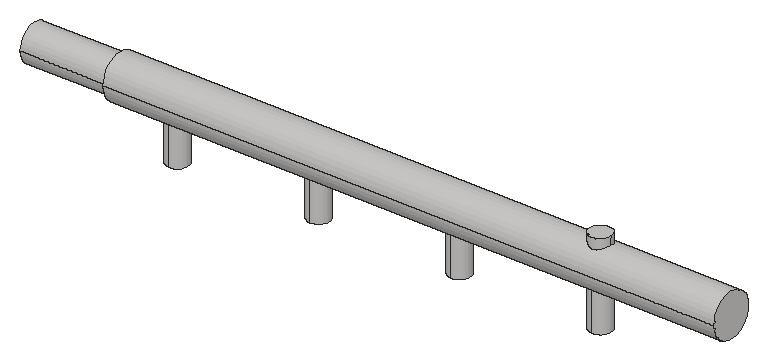
Revit family "BIMLIB_Коллектор_462_4_РОСТерм", category Оборудование, Revit 2017
Family settings
  Размер круглого соединителя = Использовать диаметр
  Тип детали = Нормальный
  На основе рабочей плоскости = Нет
  Всегда вертикально = Да
  При загрузке вырезать с полостями = Нет
  Общий = Нет
  Точка расчета площади = Нет
Parameters (values of type "Коллектор HEIZEN 462 Ду25 на 4 выхода")
  РТ_Шаг = 100 mm
  РТ_l = 100 mm  # constant formula
  РТ_R1 = РТ_R + 5 mm  # 20 mm
  РТ_R = 15 mm
  РТ_R_низ = РТ_DN_низ / 2  # 7.5 mm
  РТ_DN3 = 15 mm  # constant formula
  Описание = "Коллекторы Heizen изготовлены из высококачественной латуни и нержавеющей стали, что исключает риск протечек. Коллекторы могут быть оснащены различными видами арматуры: ручными балансировочными клапанами,ручными запорными клапанами, термостатическими клапанами, расходомерами, воздухоотводчиками и дренажными кранами."
  РТ_DN_низ = 15 mm  # constant formula
  РТ_DN_бок = 25 mm
  Изготовитель = "РОСТерм"  # constant formula
  URL = "http://rostherm.ru/"
  BL_Разработано = "support@bimlib.ru"  # constant formula
  BL_Email = "rostherm@bimlib.ru"  # constant formula
  BL_BIM library = "https://bimlib.pro/manufacturer/rosterm/1632/"
  ADSK_Расход жидкости [instance] = 0.0 L/s
  ADSK_Примечание = ""
  ADSK_Позиция = ""
  ADSK_Обозначение = "ГОСТ 12.2.063-2015"  # constant formula
  ADSK_Наименование краткое = "HEIZEN 462 Ду25"
  ADSK_Наименование = "Коллектор HEIZEN 462 для систем отопения, горячего и холодного водоснабжения сварной Ду25 на 4 выхода"
  ADSK_Материал = BIMLIB_Нержавеющая_сталь_РОСТерм
  ADSK_Масса_Текст = ""
  ADSK_Масса = 0
  ADSK_Марка = "HEIZEN 462"  # constant formula
  ADSK_Код изделия = "462-25-10-04"
  ADSK_Завод-изготовитель = "Heizen"  # constant formula
  ADSK_Единица измерения = "шт."  # constant formula
  ADSK_Версия Revit = "2017"  # constant formula
  ADSK_URL страницы изделия = "http://rostherm.ru/kollektory/"
  ADSK_URL документации изделия = "http://rostherm.ru/"
Types (4, lengths in mm): name | РТ_R1 | РТ_R | РТ_DN_бок | ADSK_Наименование краткое | ADSK_Наименование | ADSK_Код изделия
  Коллектор HEIZEN 462 Ду50 на 4 выхода | 32 | 27 | 50 | "HEIZEN 462 Ду50" | "Коллектор HEIZEN 462 для систем отопения, горячего и холодного водоснабжения сварной Ду50 на 4 выхода" | "462-50-10-04"
  Коллектор HEIZEN 462 Ду40 на 4 выхода | 27 | 22 | 40 | "HEIZEN 462 Ду40" | "Коллектор HEIZEN 462 для систем отопения, горячего и холодного водоснабжения сварной Ду40 на 4 выхода" | "462-40-10-04"
  Коллектор HEIZEN 462 Ду32 на 4 выхода | 23 | 18 | 32 | "HEIZEN 462 Ду32" | "Коллектор HEIZEN 462 для систем отопения, горячего и холодного водоснабжения сварной Ду32 на 4 выхода" | "462-32-10-04"
  Коллектор HEIZEN 462 Ду25 на 4 выхода | 20 | 15 | 25 | "HEIZEN 462 Ду25" | "Коллектор HEIZEN 462 для систем отопения, горячего и холодного водоснабжения сварной Ду25 на 4 выхода" | "462-25-10-04"
Reference planes
  plane 1 "По центру (Вперед/Назад)": y = 0
  plane 2: z = 0
  plane 3 "По центру (Влево/Вправо)": x = 0
  plane 4: x = 100
  plane 5: x = 1185
  plane 6: x = 60
  plane 7: z = 20
Forms (mm)
  Extrusion 1, solid, material "BIMLIB_Нержавеющая_сталь_РОСТерм" <- "ADSK_Материал", detail levels medium+fine
    sketch origin (65, 0, 0) x (0, 1, 0) y (0, 0, 1)
      loop
        circle (0, 0) r 15
    from -5 to 422.273
  Sweep 2, solid, material "BIMLIB_Нержавеющая_сталь_РОСТерм" <- "ADSK_Материал", detail levels medium+fine
    path origin (65, 0, 7.5) x (1, 0, 0) y (0, 0, 1)
      loop
        line (35, -7.5) -> (35, -47.5)
    profile origin (100, 0, -20) x (0, -1, 0) y (1, 0, 0)
      loop
        circle (0, 0) r 7.5
  Sweep 3, solid, material "BIMLIB_Нержавеющая_сталь_РОСТерм" <- "ADSK_Материал", detail levels medium+fine
    path origin (163.636, 0, 7.5) x (1, 0, 0) y (0, 0, 1)
      loop
        line (35, -7.5) -> (35, -47.5)
    profile origin (198.636, 0, -20) x (0, -1, 0) y (1, 0, 0)
      loop
        circle (0, 0) r 7.5
  Sweep 4, solid, material "BIMLIB_Нержавеющая_сталь_РОСТерм" <- "ADSK_Материал", detail levels medium+fine
    path origin (262.273, 0, 7.5) x (1, 0, 0) y (0, 0, 1)
      loop
        line (35, -7.5) -> (35, -47.5)
    profile origin (297.273, 0, -20) x (0, -1, 0) y (1, 0, 0)
      loop
        circle (0, 0) r 7.5
  Sweep 5, solid, material "BIMLIB_Нержавеющая_сталь_РОСТерм" <- "ADSK_Материал", detail levels medium+fine
    path origin (360.909, 0, 7.5) x (1, 0, 0) y (0, 0, 1)
      loop
        line (35, -7.5) -> (35, -47.5)
    profile origin (395.909, 0, -20) x (0, -1, 0) y (1, 0, 0)
      loop
        circle (0, 0) r 7.5
  Extrusion 6, solid, material "BIMLIB_Нержавеющая_сталь_РОСТерм" <- "ADSK_Материал", detail levels medium+fine
    sketch origin (50, 0, 0) x (0, 1, 0) y (0, 0, 1)
      loop
        circle (0, 0) r 12.5
    from -50 to 10
  Extrusion 7, solid, material "BIMLIB_Нержавеющая_сталь_РОСТерм" <- "ADSK_Материал", detail levels medium+fine
    sketch origin (-789.091, 0, 0) x (1, 0, 0) y (0, 1, 0)
      loop
        circle (1185, 0) r 7.5
    from 0 to 20
Lines and regions (mm)
  model lines, detail levels coarse
    curve 1: line (0, 0, 0) -> (487.273, 0, 0)
    curve 2: line (100, 0, 0) -> (100, 0, -40)
    curve 3: line (198.636, 0, 0) -> (198.636, 0, -40)
    curve 4: line (297.273, 0, 0) -> (297.273, 0, -40)
    curve 5: line (395.909, 0, 0) -> (395.909, 0, -40)
Dimensions and locks
  "РТ_l": plane 4 to plane 3 "По центру (Влево/Вправо)"
  Sweep 2 sketch curve to Sweep 2 sketch curve = 40 mm
  Sweep 3 sketch curve to Sweep 3 sketch curve = 40 mm
  Sweep 4 sketch curve to Sweep 4 sketch curve = 40 mm
  Sweep 5 sketch curve to Sweep 5 sketch curve = 40 mm
  locked: plane 4 to plane 6 at 40
  "РТ_R1": plane 7 to level
  "РТ_R": radius of Extrusion 1 sketch curve
  "РТ_R_низ": radius of Sweep 2 sketch curve
  "РТ_R_низ": radius of Sweep 3 sketch curve
  "РТ_R_низ": radius of Sweep 4 sketch curve
  "РТ_R_низ": radius of Sweep 5 sketch curve
  "РТ_DN_бок": diameter of Extrusion 6 sketch curve
  "РТ_DN_низ": diameter of Extrusion 7 sketch curve
  aligned and locked: level to plane 2
  aligned and locked: Extrusion 1 to plane 6
  aligned and locked: Extrusion 6 to plane 3 "По центру (Влево/Вправо)"
  aligned and locked: Extrusion 6 to Extrusion 1
  aligned and locked: plane 7 to Extrusion 7
  aligned and locked: curve 1 to Extrusion 1
Automatic sketch dimensions
  Sweep 2 sketch curve to profile plane = 0 mm
  profile plane to Sweep 2 sketch curve = 0 mm
  Sweep 3 sketch curve to profile plane = 0 mm
  profile plane to Sweep 3 sketch curve = 0 mm
  Sweep 4 sketch curve to profile plane = 0 mm
  profile plane to Sweep 4 sketch curve = 0 mm
  Sweep 5 sketch curve to profile plane = 0 mm
  profile plane to Sweep 5 sketch curve = 0 mm
  Extrusion 1 sketch curve to level = 0 mm
  Extrusion 1 sketch curve to plane 1 "По центру (Вперед/Назад)" = 0 mm
  curve 1 to plane 3 "По центру (Влево/Вправо)" = 0 mm
  curve 2 to plane 4 = 0 mm
  curve 3 to level = 40 mm
  curve 2 to curve 3 = 98.636 mm
  curve 3 to curve 4 = 98.636 mm
  curve 4 to curve 5 = 98.636 mm
  curve 5 to curve 1 = 91.364 mm
  curve 2 to curve 2 = 40 mm
  curve 5 to curve 5 = 40 mm
  curve 4 to curve 4 = 40 mm
  plane 1 "По центру (Вперед/Назад)" to Extrusion 7 sketch curve = 0 mm
  plane 4 to Extrusion 7 sketch curve = 295.909 mm
  Extrusion 6 sketch curve to level = 0 mm
  Extrusion 6 sketch curve to plane 1 "По центру (Вперед/Назад)" = 0 mm
Connectors
  piping at (100, 0, -40), diameter 15, driven by "РТ_DN_низ", driven by "ADSK_Расход жидкости"
    settings: on Sweep 2, index 3, connector inside diameter 609.6 mm, connector length 0 mm, flow factor 0, pipe flow 0.0 L/s, pressure drop 0.0 Pa, fitting loss kfactor 0, connector angle 0.00°, fixture units 0, engagement length 0 mm, angle of deflection 0.00°, flow configuration 0, flow direction 2, fitting loss method 0, system type 7, joint type 0, gender type 0, connector reference index -1, connector utility 0, adjustable connector no, is connector primary yes, connector description ""
  piping at (198.636, 0, -40), diameter 15, driven by "РТ_DN_низ", driven by "ADSK_Расход жидкости"
    settings: on Sweep 3, index 4, connector inside diameter 609.6 mm, connector length 0 mm, flow factor 0, pipe flow 0.0 L/s, pressure drop 0.0 Pa, fitting loss kfactor 0, connector angle 0.00°, fixture units 0, engagement length 0 mm, angle of deflection 0.00°, flow configuration 0, flow direction 2, fitting loss method 0, system type 7, joint type 0, gender type 0, connector reference index -1, connector utility 0, adjustable connector no, is connector primary no, connector description ""
  piping at (297.273, 0, -40), diameter 15, driven by "РТ_DN_низ", driven by "ADSK_Расход жидкости"
    settings: on Sweep 4, index 5, connector inside diameter 609.6 mm, connector length 0 mm, flow factor 0, pipe flow 0.0 L/s, pressure drop 0.0 Pa, fitting loss kfactor 0, connector angle 0.00°, fixture units 0, engagement length 0 mm, angle of deflection 0.00°, flow configuration 0, flow direction 2, fitting loss method 0, system type 7, joint type 0, gender type 0, connector reference index -1, connector utility 0, adjustable connector no, is connector primary no, connector description ""
  piping at (395.909, 0, -40), diameter 15, driven by "РТ_DN_низ", driven by "ADSK_Расход жидкости"
    settings: on Sweep 5, index 6, connector inside diameter 609.6 mm, connector length 0 mm, flow factor 0, pipe flow 0.0 L/s, pressure drop 0.0 Pa, fitting loss kfactor 0, connector angle 0.00°, fixture units 0, engagement length 0 mm, angle of deflection 0.00°, flow configuration 0, flow direction 2, fitting loss method 0, system type 7, joint type 0, gender type 0, connector reference index -1, connector utility 0, adjustable connector no, is connector primary no, connector description ""
  piping at (0, 0, 0), diameter 25, driven by "РТ_DN_бок", driven by "ADSK_Расход жидкости"
    settings: on Extrusion 6, index 38, connector inside diameter 609.6 mm, connector length 0 mm, flow factor 0, pipe flow 0.0 L/s, pressure drop 0.0 Pa, fitting loss kfactor 0, connector angle 0.00°, fixture units 0, engagement length 0 mm, angle of deflection 0.00°, flow configuration 0, flow direction 1, fitting loss method 0, system type 7, joint type 0, gender type 0, connector reference index -1, connector utility 0, adjustable connector no, is connector primary no, connector description ""
  piping at (395.909, 0, 20), diameter 15, driven by "РТ_DN3", driven by "ADSK_Расход жидкости"
    settings: on Extrusion 7, index 39, connector inside diameter 609.6 mm, connector length 0 mm, flow factor 0, pipe flow 0.0 L/s, pressure drop 0.0 Pa, fitting loss kfactor 0, connector angle 0.00°, fixture units 0, engagement length 0 mm, angle of deflection 0.00°, flow configuration 0, flow direction 0, fitting loss method 0, system type 29, joint type 0, gender type 0, connector reference index -1, connector utility 0, adjustable connector no, is connector primary no, connector description ""
